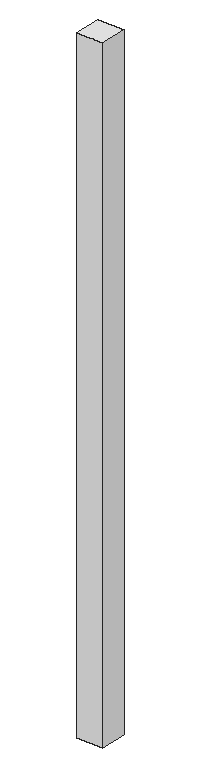
Revit family "BS_FM_Pile-Cọc Vuông", category Structural Foundations, Revit 2019
Family settings
  Material for Model Behavior = Steel
  Cap = No
  Work Plane-Based = No
  Always vertical = Yes
  Cut with Voids When Loaded = No
  Shared = Yes
Parameters (values of type "600mm Diameter")
  Structural Material [instance] = Steel, 45-345
  Radius [instance] = Diameter / 2  # 125 mm
  Minimum Embedment [instance] = 150 mm
  Diameter [instance] = 250 mm
  Depth [instance] = 6000 mm
  Assembly Code = "A1020130"
Types (6, lengths in mm): name | Radius | Diameter
  600mm Diameter | 125 | 250
  200mm Diameter | 300 | 600
  250mm Diameter | 300 | 600
  300mm Diameter | 300 | 600
  400mm Diameter | 300 | 600
  500mm Diameter | 300 | 600
Reference planes
  plane 1 "Center (Front/Back)": y = 0
  plane 2: z = 0
  plane 3 "Center (Left/Right)": x = 0
  plane 4: z = -6000
  plane 5: z = 150
Forms (mm)
  Extrusion 1, solid, material "Steel, 45-345" <- "Structural Material"
    sketch origin (0, 0, 0) x (1, 0, 0) y (0, 1, 0)
      loop
        line (-125, -125) -> (125, -125) -> (125, 125) -> (-125, 125) -> (-125, -125)
    from -6000 to 150
Dimensions and locks
  "Depth": plane 2 to plane 4
  "Minimum Embedment": plane 5 to plane 2
  equal spacing: Extrusion 1 sketch curve, plane 3 "Center (Left/Right)", Extrusion 1 sketch curve
  "Diameter": Extrusion 1 sketch curve to Extrusion 1 sketch curve  (x2)
  equal spacing: Extrusion 1 sketch curve, plane 1 "Center (Front/Back)", Extrusion 1 sketch curve
  aligned and locked: Extrusion 1 to plane 4
  aligned and locked: Extrusion 1 to plane 5
  aligned and locked: plane 3 "Center (Left/Right)" to nested 1
  aligned and locked: plane 1 "Center (Front/Back)" to nested 1  (x2)
  aligned and locked: nested 1 to plane 3 "Center (Left/Right)"
Nested families
  nested 1: "BS_Line_TimCoc" at (0, 0, 0), type "BS_Line_TimCoc"
Definition of nested family "BS_Line_TimCoc"
  Parameters (values of type "BS_Line_TimCoc")
    LINE = DK + 100 mm  # 780 mm
    DK = 680 mm
  Reference planes
    plane 1 "Center (Front/Back)": y = 0
    plane 2: z = 0
    plane 3 "Center (Left/Right)": x = 0
  Lines and regions (mm)
    detail lines, in view "Ref. Level", not visible
      curve 1: circle (0, 0, 0) r 340 normal (0, 0, 1)
    detail lines, in view "Ref. Level"
      curve 2: line (-390, 0, 0) -> (390, 0, 0)
      curve 3: line (0, 390, 0) -> (0, -390, 0)
  Dimensions and locks
    equal spacing: curve 2, plane 3 "Center (Left/Right)", curve 2
    equal spacing: curve 3, plane 1 "Center (Front/Back)", curve 3
    "LINE": curve 3 to curve 3
    "LINE": curve 2 to curve 2
    "DK": diameter of curve 1
  Automatic sketch dimensions
    curve 3 to plane 3 "Center (Left/Right)" = 0 mm
    plane 1 "Center (Front/Back)" to curve 1 = 0 mm
    curve 1 to plane 3 "Center (Left/Right)" = 0 mm
    plane 1 "Center (Front/Back)" to curve 2 = 0 mm
